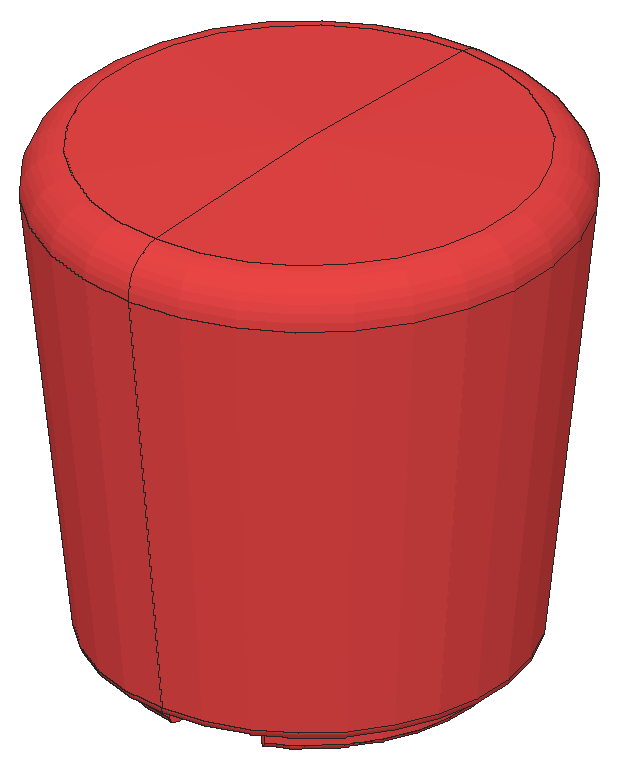
Revit family "Modullaro ML 09", category Furniture, host Face, Revit 2018
Family settings
  Host = Face
  OmniClass Number = 23.40.10.11.14
  OmniClass Title = Exterior Seating
  Cut with Voids When Loaded = No
  Shared = No
  Room Calculation Point = No
Parameters (values of type "Modullaro ML 09")
  Width = 491 mm  # constant formula
  Weight (approximately) = 7.00 kg  # constant formula
  URL = "https://astrini-design.pl/en/"
  Operating temperature = "-40°C to 80°C, ( -40°F to 176°F )"  # constant formula
  Material information = "Colour choice from RAL colour standard. Customer may inquire about specific request regarding individual order."
  Material [instance] = ASTRINI DESIGN_Polyester-Glass Laminate
  Manufacturer = "Astrini Design"  # constant formula
  Type Image = ML-9.jpg
  Model = "Modullaro ML 09"  # constant formula
  Type Comments = "Bench"  # constant formula
  Length = 491 mm  # constant formula
  IfcExportAs = "IfcFurnishingElement"  # constant formula
  Height = 500 mm  # constant formula
  Default Elevation = 1219.2 mm
Reference planes
  plane 1 "Środek (Przód/Tył)": y = 0
  plane 2: z = 0
  plane 3 "Środek (Lewa/Prawa)": x = 0
  plane 4: y = 500
  plane 5: y = -500
Forms (mm)
  Extrusion 1, void
    sketch origin (-3.622, -241.774, 0) x (1, 0, 0) y (0, 1, 0)
      loop
        arc (13.78, 399.104) -> (20.419, 412.961) -> (33.992, 420.164) r 24.57
        line (33.992, 420.164) -> (13.696, 533.359) -> (-109.297, 511.307) -> (-88.993, 398.066)
        arc (-88.993, 398.066) -> (-73.056, 396.596) -> (-61.405, 385.623) r 24.571
        arc (-61.405, 385.623) -> (-18.875, 364.822) -> (13.78, 399.104) r 40.055
      loop
        arc (67.511, 97.964) -> (24.571, 117.905) -> (-7.388, 82.973) r 40.055
        arc (-7.388, 82.973) -> (-14.211, 68.496) -> (-28.502, 61.292) r 24.571
        line (-28.502, 61.292) -> (-5.924, -51.517) -> (116.601, -26.995) -> (94.032, 85.769)
        arc (94.032, 85.769) -> (78.764, 87.501) -> (67.511, 97.964) r 24.57
    from -30 to 24.5
  Revolve 2, solid, material "ASTRINI DESIGN_Polyester-Glass Laminate" <- "Material", detail levels fine
    sketch origin (0, -241.774, 0) x (0, 1, 0) y (0, 0, 1)
      loop
        arc (450.99, 494.87) -> (346.435, 499.946) -> (241.774, 501.846) r 3448.304
        line (241.774, 501.846) -> (241.774, 0) -> (408.058, 0)
        arc (408.058, 0) -> (411.331, 1.203) -> (412.922, 4.306) r 4.792
        line (412.922, 4.306) -> (412.922, 20.186)
        arc (412.922, 20.186) -> (414.359, 23.655) -> (417.828, 25.092) r 4.906
        line (417.828, 25.092) -> (433.459, 25.092)
        arc (433.459, 25.092) -> (440.164, 27.662) -> (443.436, 34.054) r 10.035
        line (443.436, 34.054) -> (488.229, 450.519)
        arc (488.229, 450.519) -> (479.07, 480.638) -> (450.99, 494.87) r 40.113
      axis (241.774, 0) -> (241.774, 501.846)
    angle from 0 to 360
  Revolve 3, solid, material "ASTRINI DESIGN_Polyester-Glass Laminate" <- "Material", detail levels medium
    sketch origin (0, -241.774, 0) x (0, 1, 0) y (0, 0, 1)
      loop
        arc (450.99, 494.87) -> (346.435, 499.946) -> (241.774, 501.846) r 3448.304
        line (241.774, 501.846) -> (241.774, 0) -> (439.773, 0) -> (488.229, 450.519)
        arc (488.229, 450.519) -> (479.07, 480.638) -> (450.99, 494.87) r 40.113
      axis (241.774, 0) -> (241.774, 501.846)
    angle from 0 to 360
  Revolve 4, solid, material "ASTRINI DESIGN_Polyester-Glass Laminate" <- "Material", detail levels coarse
    sketch origin (0, -241.774, 0) x (0, 1, 0) y (0, 0, 1)
      loop
        line (488.229, 0) -> (488.229, 501.846) -> (241.774, 501.846) -> (241.774, 0) -> (488.229, 0)
      axis (241.774, 0) -> (241.774, 501.846)
    angle from 0 to 360
Cuts and joins
  Extrusion 1 cuts Revolve 2
Lines and regions (mm)
  symbolic lines, style "Furniture"
    curve 1: arc (0, 246.455, 0) -> (246.455, 0, 0) -> (0, -246.455, 0) r 246.455
    curve 2: arc (0, 246.455, 0) -> (-246.455, 0, 0) -> (0, -246.455, 0) r 246.455
Dimensions and locks
  aligned and locked: plane 2 to host face
  aligned and locked: level to host face
